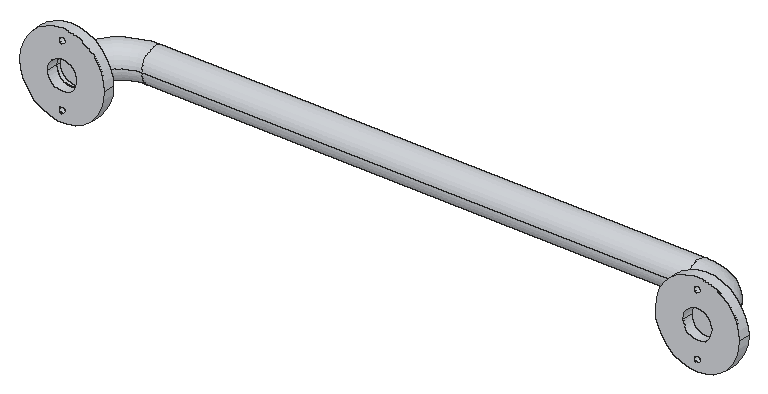
Revit family "AX8032X690_0006", category Appareils sanitaires, Revit 2016
Family settings
  Hôte = Mur
  Type d'élément = Normal
  Cote de connecteur circulaire = Utiliser le diamètre
  Numéro OmniClass = 23.75.00.00
  Titre OmniClass = Climate Control (HVAC)
  Toujours verticalement = Oui
  Couper avec des vides une fois chargée = Non
  Partagée = Non
  Point de calcul de pièce = Non
Parameters (values of type "Type 1")
  URL = "https://www.axeuro.com/fr/barres-de-securite-barres-d-appui/25490-barre-d-appui-ax8032x690.html?search_query=ax8032x690&results=1"
  Type de produit / Type of product = "Barre de sécurité / Grab bar"  # constant formula
  Référence / Reference = "AX8032X690"  # constant formula
  Model = ""
  Manufacturer = ""
  Entreprise / Company = "Axeuro"  # constant formula
  Description = ""
Reference planes
  plane 1 "Mur": y = 0
  plane 2 "Centre (gauche/droite)": x = 0
  plane 3 "Arrière": y = 75
Forms (mm)
  Extrusion 1, solid
    sketch origin (-114.5, 75, 0) x (-1, 0, 0) y (0, 0, -1)
      loop
        circle (190, -669.455) r 40.5
    from -10 to 0
  Sweep 2, solid
    path origin (460.5, -18.736, 669.511) x (1, 0, 0) y (0, 1, 0)
      loop
        line (-765, 103.736) -> (-765, 105.837)
        arc (-765, 105.837) -> (-752.142, 136.878) -> (-721.102, 149.735) r 43.898
        line (-721.102, 149.735) -> (-199.898, 149.735)
        arc (-199.898, 149.735) -> (-168.858, 136.878) -> (-156, 105.837) r 43.898
        line (-156, 105.837) -> (-156, 103.736)
    profile origin (0, 131, 669.511) x (0, 1, 0) y (0, 0, 1)
      loop
        circle (0, 0) r 16
  Extrusion 3, void
    sketch origin (154.5, 0, 0) x (1, 0, 0) y (0, 0, 1)
      loop
        circle (150, 669.455) r 14
    from -88.969 to -75
  Extrusion 4, void
    sketch origin (-154.5, 0, 0) x (-1, 0, 0) y (0, 0, -1)
      loop
        circle (150, -669.455) r 14
    from -88.969 to -75
  Extrusion 5, void
    sketch origin (-510.622, 0, 1337.127) x (1, 0, 0) y (0, 0, 1)
      loop
        circle (206.122, -697.622) r 3
    from -79.397 to -75
  Extrusion 6, void
    sketch origin (-510.622, 0, 1.883) x (1, 0, 0) y (0, 0, 1)
      loop
        circle (206.122, 697.622) r 3
    from -79.397 to -75
  Extrusion 7, void
    sketch origin (510.622, 0, 1337.127) x (-1, 0, 0) y (0, 0, -1)
      loop
        circle (206.122, 697.622) r 3
    from -79.397 to -75
  Extrusion 8, void
    sketch origin (510.622, 0, 1.883) x (-1, 0, 0) y (0, 0, -1)
      loop
        circle (206.122, -697.622) r 3
    from -79.397 to -75
  Extrusion 9, solid
    sketch origin (114.5, 75, 0) x (1, 0, 0) y (0, 0, 1)
      loop
        circle (190, 669.455) r 40.5
    from -10 to 0
Cuts and joins
  Extrusion 4 cuts Sweep 2
  Extrusion 4, Extrusion 5, Extrusion 6, Extrusion 7, Extrusion 8 cuts Extrusion 1
  Extrusion 3, Extrusion 7, Extrusion 8 cuts Extrusion 9
Text (mm)
  text "Côté de la mise en place" at (-1820.995, 1116.779, 0), in view "Niveau de réf."
  text "Côté de la mise en place" at (0, 1334.055, 2976.191), in view "Gauche"
  text "Côté de la mise en place" at (0, 439.194, 2944.362), in view "Droite"
Dimensions and locks
  locked: plane 3 "Arrière" to host wall
  aligned and locked: plane 1 "Mur" to host wall
